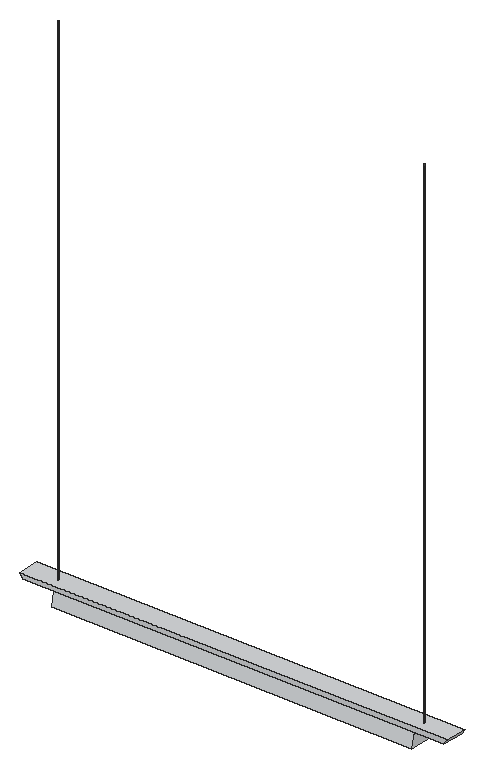
Revit family "Justerbar Optimus", category Lighting Fixtures, Revit 2021
Family settings
  Round Connector Dimension = Use Diameter
  Part Type = Normal
  OmniClass Number = 23.80.70.00
  OmniClass Title = Lighting
  Work Plane-Based = No
  Always vertical = Yes
  Cut with Voids When Loaded = No
  Light Source = Yes
  Shared = No
  Room Calculation Point = No
Parameters
  Wattage = 9.2903 W
  built-in parameter 1150110 = 1 (stored number, unit not read)
  built-in parameter 1114217 = 1 (stored number, unit not read)
  built-in parameter 1150109 = 1 (stored number, unit not read)
  built-in parameter 1150134 = (empty or 0)
  Systemeffekt = "65W (1200mA)"
  built-in parameter 1150113 = 1 (stored number, unit not read)
  Spredning = "60"
  MacAdams = "< 3"
  Lyskilde = "LED"
  Lumens = 1380 lm
  built-in parameter 1150115 = 1 (stored number, unit not read)
  built-in parameter 1150105 = 439.27 (stored number, unit not read)
  Lumen = "7500lm"
  Light Source Symbol Size = 609.6 mm
  built-in parameter 1150137 = (empty or 0)
  built-in parameter 1150139 = (empty or 0)
  Levetid = "L70 50.000 timer"
  Level Heigth [instance] = 4000 mm
  built-in parameter 1150112 = 1 (stored number, unit not read)
  built-in parameter 1150114 = 1 (stored number, unit not read)
  Kjøle metode = "Passiv"
  built-in parameter 1150132 = 2
  built-in parameter 1150102 = (empty or 0)
  built-in parameter 1150138 = (empty or 0)
  built-in parameter 1150107 = 3000 (stored number, unit not read)
  built-in parameter 1150106 = 4.3927 (stored number, unit not read)
  Floor thickness [instance] = 300 mm
  Fargetemperatur = "4000K"
  Farger = "Grå"
  Emit from Line Length = 609.6 mm
  built-in parameter 1150104 = 13.8 (stored number, unit not read)
  Dist.floor [instance] = 2000 mm
  Dimming Lamp Color Temperature Shift = <None>
  Dimbar = "Dali på forespørsel"
  Default Elevation = 0 mm
  Color Filter = 16777215
  CRI = ">80"
  Beskyttelsesgrad = "IP21"
  Beskyttelsesglass = "Linse"
  built-in parameter 1114218 = 1 (stored number, unit not read)
  built-in parameter 1150133 = 10 (stored number, unit not read)
Reference planes
  plane 1 "Light Source Axis (F/B)": y = 10
  plane 2: z = 0
  plane 3 "Light Source Axis (L/R)": x = 0.724
  plane 4 "Light Source Elevation": z = 2020
  plane 5: x = -600
  plane 6: x = 600
  plane 7: z = 3700
  plane 8: z = 2060
  plane 9: z = 2044
  plane 10: z = 2036.256
  plane 11: z = 2000
  plane 12: z = 4000
  plane 13: z = 2040.293
Forms (mm)
  Blend 1, solid, material "Aluminum"
    base sketch origin (0, 13.046, 729.816) x (1, 0, 0) y (0, 1, 0)
      loop
        line (-699.276, 35.5) -> (-699.276, -35.5) -> (700.724, -35.5) -> (700.724, 35.5) -> (-699.276, 35.5)
    top sketch origin (0, 13.046, 713.816) x (-1, 0, 0) y (0, -1, 0)
      loop
        line (689.276, -35.5) -> (689.276, 35.5) -> (-690.724, 35.5) -> (-690.724, -35.5) -> (689.276, -35.5)
    from 1330.184 to 1330.184
  Blend 2, solid, material "Aluminum"
    base sketch origin (0, 13.046, 713.816) x (-1, 0, 0) y (0, -1, 0)
      loop
        line (589.276, -32.5) -> (589.276, 32.5) -> (-590.724, 32.5) -> (-590.724, -32.5) -> (589.276, -32.5)
    top sketch origin (0, 13.046, 669.816) x (-1, 0, 0) y (0, -1, 0)
      loop
        line (589.276, -42.5) -> (589.276, 42.5) -> (-590.724, 42.5) -> (-590.724, -42.5) -> (589.276, -42.5)
    from 1330.184 to 1330.184
  Extrusion 3, solid, material "Default New Material(1)"
    sketch origin (0, 0, 0) x (1, 0, 0) y (0, 1, 0)
      loop
        circle (-600, 10) r 1
      loop
        circle (600, 10) r 1
    from 2060 to 3700
  Extrusion 4, void
    sketch origin (0.724, 0, 0) x (0, 1, 0) y (0, 0, 1)
      loop
        line (52.091, 2000) -> (43.526, 2040.293) -> (-16.474, 2040.293) -> (-25.776, 2000) -> (52.091, 2000)
    from -587.814 to 587.241
Cuts and joins
  Extrusion 4 cuts Blend 2
Dimensions and locks
  plane 6 to Blend 1 = 100.724 mm
  Blend 1 to plane 5 = 99.276 mm
  "Floor thickness": plane 7 to plane 12
  "Level Heigth": level to plane 12
  locked: plane 9 to plane 8 at 16
  locked: plane 10 to plane 9 at 7.744
  locked: plane 4 "Light Source Elevation" to plane 10 at 16.256
  locked: plane 11 to plane 4 "Light Source Elevation" at 20
  locked: Blend 2 to plane 4 "Light Source Elevation" at 20
  "Dist.floor": level to plane 11
  locked: plane 4 "Light Source Elevation" to plane 13 at 20.293
  aligned and locked: plane 3 "Light Source Axis (L/R)" to imposter light
  aligned and locked: level to plane 2
  aligned and locked: plane 7 to Extrusion 3
  aligned and locked: plane 8 to Blend 1
  aligned and locked: plane 9 to Blend 1
  aligned and locked: Blend 2 to Blend 1
  aligned and locked: Extrusion 3 to Blend 1
  aligned and locked: imposter light to plane 4 "Light Source Elevation"
  aligned and locked: Blend 2 to Extrusion 4
  aligned and locked: cut or joined group of Blend 2, Extrusion 4 to plane 13
Automatic sketch dimensions
  plane 1 "Light Source Axis (F/B)" to Blend 1 sketch curve = 32.454 mm  (x2)
  Blend 1 sketch curve to plane 3 "Light Source Axis (L/R)" = 700 mm
  plane 3 "Light Source Axis (L/R)" to Blend 1 sketch curve = 700 mm
  Blend 1 sketch curve to plane 1 "Light Source Axis (F/B)" = 38.546 mm  (x2)
  plane 3 "Light Source Axis (L/R)" to Blend 1 sketch curve = 690 mm
  Blend 1 sketch curve to plane 3 "Light Source Axis (L/R)" = 690 mm
  Blend 2 sketch curve to plane 1 "Light Source Axis (F/B)" = 35.546 mm
  plane 3 "Light Source Axis (L/R)" to Blend 2 sketch curve = 590 mm  (x2)
  plane 1 "Light Source Axis (F/B)" to Blend 2 sketch curve = 29.454 mm
  Blend 2 sketch curve to plane 3 "Light Source Axis (L/R)" = 590 mm  (x2)
  Blend 2 sketch curve to plane 1 "Light Source Axis (F/B)" = 45.546 mm
  plane 1 "Light Source Axis (F/B)" to Blend 2 sketch curve = 39.454 mm
  plane 1 "Light Source Axis (F/B)" to Extrusion 3 sketch curve = 0 mm  (x2)
  Extrusion 3 sketch curve to plane 5 = 0 mm
  Extrusion 3 sketch curve to plane 6 = 0 mm
  plane 13 to Extrusion 4 sketch curve = 0 mm
  Extrusion 4 sketch curve to plane 11 = 0 mm
  plane 1 "Light Source Axis (F/B)" to Extrusion 4 sketch curve = 26.474 mm
  Extrusion 4 sketch curve to plane 1 "Light Source Axis (F/B)" = 33.526 mm
  plane 1 "Light Source Axis (F/B)" to Extrusion 4 sketch curve = 35.776 mm
  Extrusion 4 sketch curve to plane 1 "Light Source Axis (F/B)" = 42.091 mm
  radius of Extrusion 3 sketch curve = 1 mm  (x2)
